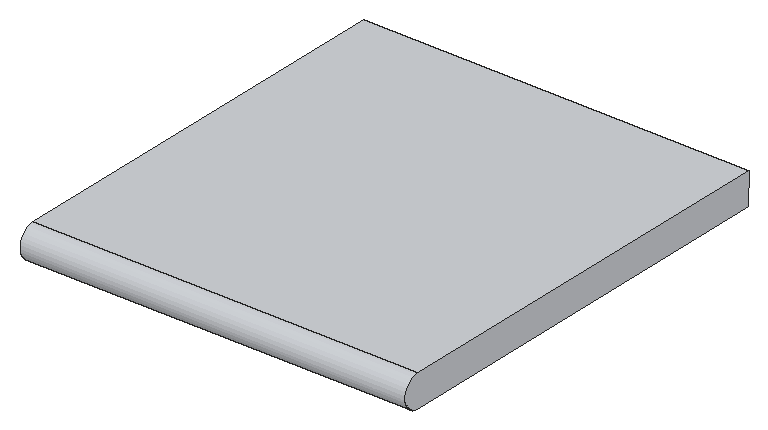
Revit family "Arcadia-Lightshelf", category Generic Models, Revit 2012
Parameters (values of type "Round Nose")
  WIDTH [instance] = 2' - 2.92437"
  Square Nose = no
  Round Nose = yes
  DEPTH = 2' - 6"
Types (3): name | Square Nose | Round Nose
  (no name) | no | yes
  Square Nose | yes | no
  Round Nose | no | yes
Reference planes (in)
  plane 1 "Center (Front/Back)": y = 0
  plane 2: z = 0
  plane 3 "Center (Left/Right)": x = 0
  plane 4 "Leading Edge": y = -30
  plane 5: x = 26.92437
Forms (in)
  Extrusion 1, solid, visible <- "Round Nose"
    sketch origin (0, 0, 0) x (0, 1, 0) y (0, 0, 1)
      loop
        line (-28.875, 0) -> (0, 0) -> (0, 2.25) -> (-28.875, 2.25)
        arc (-28.875, 2.25) -> (-30, 1.125) -> (-28.875, 0) r 1.125
    from 0 to 26.92437
  Extrusion 2, solid, visible <- "Square Nose"
    sketch origin (0, 0, 0) x (0, 1, 0) y (0, 0, 1)
      loop
        line (0, 2.25) -> (-30, 2.25) -> (-30, 0) -> (0, 0) -> (0, 2.25)
    from 0 to 26.92437
Dimensions and locks (in)
  "DEPTH": plane 4 "Leading Edge" to plane 1 "Center (Front/Back)"
  locked: Extrusion 1 sketch curve to Extrusion 1 sketch curve at 2.25
  "WIDTH": plane 3 "Center (Left/Right)" to plane 5
  locked: Extrusion 2 sketch curve to Extrusion 2 sketch curve at 2.25
  aligned and locked: plane 2 to level
  aligned and locked: level to Extrusion 1 sketch curve
  aligned and locked: plane 1 "Center (Front/Back)" to Extrusion 1 sketch curve
  aligned and locked: plane 5 to Extrusion 1
  aligned and locked: level to Extrusion 2 sketch curve
  aligned and locked: plane 1 "Center (Front/Back)" to Extrusion 2 sketch curve
  aligned and locked: Extrusion 2 sketch curve to plane 4 "Leading Edge"
  aligned and locked: plane 5 to Extrusion 2
Automatic sketch dimensions
  Extrusion 1 sketch curve to plane 4 "Leading Edge" = 0' - 1 1/8"
